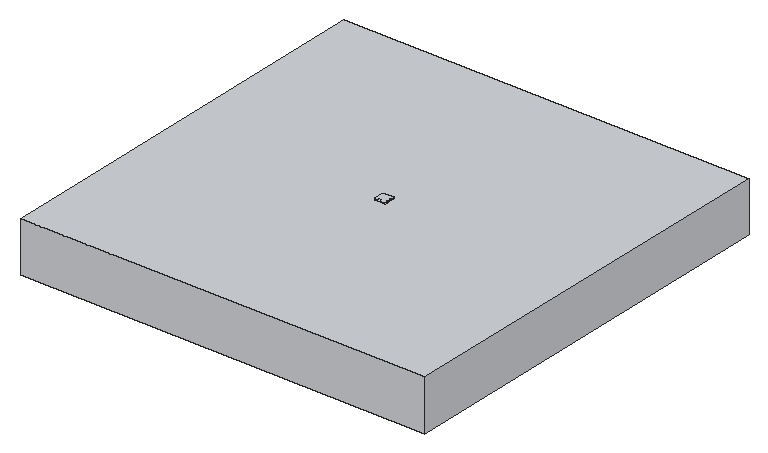
Revit family "Gira_540000rfa", category Allgemeines Modell, Revit 2017
Family settings
  Basisbauteil = Fläche
  Kann Basisbauteil für Bewehrung sein = Nein
  Bemaßung runder Anschluss = Durchmesser verwenden
  Teiletyp = Normal
  Beim Laden mit Abzugskörper schneiden = Nein
  Gemeinsam genutzt = Nein
  Raumberechnungspunkt = Nein
Parameters
  With memory function = no
  With glass breaking detector connection = no
  With brightness sensor connection = no
  With Astro program = no
  Default Elevation = 1219.2 mm
  URL = "https://www.gira.de/"
  Typname = "S3000 uni.LED dimm.ins. Standard Insert"
  Type of load = "Universal and LED Retrofit"
  Type of fastening = "Mounting with claw and screw"
  Transparent = no
  Through loss at 860 MHz [B] = 0.1
  Through loss at 2150 MHz [B] = 0.1
  Switch-off protection = no
  Surface protection = "Other"
  Surface finishing = "Not applicable"
  Suitable for wind sensor = no
  Suitable for rain sensor = no
  Suitable for degree of protection (IP) = "IP20"
  Substation input = no
  Shielded housing = no
  Shielded buses = yes
  Serial dimmer = no
  Separate strain relief = yes
  Random generator = no
  Productwebsite = "http://katalog.gira.de/en/datenblatt.html?artikelnr=540000"
  Nominal voltage [Volt] 2 = "[230:230]"
  Nominal voltage [Volt] = 230
  Mounting method shielding connection = "Screw"
  Mounting method = "Flush mounted (plaster)"
  Model = "Loop-through socket"
  Method of operation = "Turn/push button"
  Mechanical coding = no
  Max. switching power [Voltampere] = 1000
  Material quality = "Other"
  Material = "Other"
  Light value memory = yes
  Integrated timer = no
  Hersteller = "Gira"
  Halogen free = no
  HAN = "540000"
  GTIN = "4010337047995"
  Frequency [Hz] = "[50:60]"
  Dimming phase cut-on = yes
  Dimming phase cut-off = yes
  Degree of protection (IP) = "IP20"
  Data sheet = "https://katalog.gira.de/en/download.html?artikelnr=540000"
  Connection type = "Screwed terminal"
  Colour = "Other"
  Category = "Other"
  Beschreibung = "S3000 Uni.LED dimm.ins.Std Ins.,System 3000 universal LED dimming insert Standard,,,Features:,- Switching and dimming light bulbs, HV halogen lamps, electronic transformers for halogen or LED lamps, dimmable inductive transformers for halogen or LED lamps, HV LED or compact fluorescent lamps.,- Automatic or manual setting of dimming principle according to load (leading or trailing edge).,- Display of the selected operating mode using LED.,- Bulb-saving switch-on.,- Switch-on brightness can be saved permanently.,- Switch on with the last brightness set, or a saved switch-on brightness.,- Minimum brightness can be set.,- Electronic short-circuit protection.,- Electronic excess-temperature protection.,- Operation with and without neutral conductor connection.,,Notes :,- In general, operating the dimmer without connecting a neutral conductor is possible, although some LED and CFLi light sources require the neutral conductor connection to prevent flickering.,- For operation without a neutral conductor, the minimum load for light bulbs, HV halogen lamps, Gira Tronic transformers, and wound transformers increases to 50 W.,- Electronic transformers and ballast devices for LED lamps can be operated with the dimming procedure stated by the manufacturer.,- If the ambient temperature is higher than 25 C, the connected load must be reduced."
  BIM = "https://media.stage.bim.site/public/gira/290f3eb/Einsatz_1fach.rfa"
  Assembly arrangement = "Basic element"
  Applicable with transmission button = no
  Applicable with time switch/timer = no
  Applicable with presence indicator = no
  Applicable with movement sensor = no
  Applicable with infrared button = no
  Applicable with button = no
  App control via Bluetooth = no
Reference planes
  plane 1 "Center (Front/Back)": y = 0
  plane 2: z = 0
  plane 3 "Center (Left/Right)": x = 0
Forms (mm)
  Extrusion 1, solid
    sketch origin (0, 0, 0) x (1, 0, 0) y (0, 1, 0)
      loop
        line (-1219.2, 1219.2) -> (-1219.2, -1219.2) -> (1219.2, -1219.2) -> (1219.2, 1219.2) -> (-1219.2, 1219.2)
    from 0 to -304.8
  Extrusion 2, solid, detail levels fine
    sketch origin (0, 0, 0) x (1, 0, 0) y (0, 1, 0)
      loop
        line (27.475, 35.475) -> (-27.475, 35.475)
        arc (-27.475, 35.475) -> (-33.132, 33.132) -> (-35.475, 27.475) r 8
        line (-35.475, 27.475) -> (-35.475, -27.475)
        arc (-35.475, -27.475) -> (-33.132, -33.132) -> (-27.475, -35.475) r 8
        line (-27.475, -35.475) -> (27.475, -35.475)
        arc (27.475, -35.475) -> (33.132, -33.132) -> (35.475, -27.475) r 8
        line (35.475, -27.475) -> (35.475, 27.475)
        arc (35.475, 27.475) -> (33.132, 33.132) -> (27.475, 35.475) r 8
    from 0 to 1.8
  Extrusion 3, solid, detail levels fine
    sketch origin (0, 0, 0) x (1, 0, 0) y (0, 1, 0)
      loop
        line (9.678, 25.4) -> (-9.678, 25.4)
        arc (-9.678, 25.4) -> (-12.885, 24.922) -> (-15.814, 23.53) r 11
        arc (-15.814, 23.53) -> (-17.795, 22.07) -> (-19.641, 20.444) r 28.35
        arc (-19.641, 20.444) -> (-21.339, 18.665) -> (-22.876, 16.745) r 28.35
        arc (-22.876, 16.745) -> (-24.456, 13.666) -> (-25, 10.248) r 11
        line (-25, 10.248) -> (-25, -10.248)
        arc (-25, -10.248) -> (-24.456, -13.666) -> (-22.876, -16.745) r 11
        arc (-22.876, -16.745) -> (-20.409, -19.677) -> (-17.569, -22.25) r 28.35
        line (-17.569, -22.25) -> (17.569, -22.25)
        arc (17.569, -22.25) -> (20.409, -19.677) -> (22.876, -16.745) r 28.35
        arc (22.876, -16.745) -> (24.456, -13.666) -> (25, -10.248) r 11
        line (25, -10.248) -> (25, 10.248)
        arc (25, 10.248) -> (24.456, 13.666) -> (22.876, 16.745) r 11
        arc (22.876, 16.745) -> (21.593, 18.37) -> (20.195, 19.897) r 28.35
        arc (20.195, 19.897) -> (18.096, 21.823) -> (15.814, 23.53) r 28.35
        arc (15.814, 23.53) -> (12.885, 24.922) -> (9.678, 25.4) r 11
    from 0 to -22
  Extrusion 4, solid, detail levels medium
    sketch origin (0, 0, 0) x (1, 0, 0) y (0, 1, 0)
      loop
        line (-25, 25.4) -> (-25, -22.25) -> (25, -22.25) -> (25, 25.4) -> (-25, 25.4)
    from 0 to -22
  Extrusion 5, solid, detail levels coarse
    sketch origin (0, 0, 0) x (1, 0, 0) y (0, 1, 0)
      loop
        line (35.475, 35.475) -> (-35.475, 35.475) -> (-35.475, -35.475) -> (35.475, -35.475) -> (35.475, 35.475)
    from -22 to 1.8
  Extrusion 6, solid, detail levels medium
    sketch origin (0, 0, 0) x (1, 0, 0) y (0, 1, 0)
      loop
        line (35.475, 35.475) -> (-35.475, 35.475) -> (-35.475, -35.475) -> (35.475, -35.475) -> (35.475, 35.475)
    from 0 to 1.8
Dimensions and locks
  aligned and locked: plane 2 to Extrusion 1
  aligned and locked: level to Extrusion 1
Connectors
  electrical at (0, 0, -22)
    settings: on Extrusion 5, index 1, voltage 220 V, apparent load 0 VA, apparent load phase1 0 VA, apparent load phase2 0 VA, apparent load phase3 0 VA, power factor 1, load classification "Other", number of poles 1, system type 30, power factor state 1, is connector primary yes, connector utility no, sub classification motor no, connector description ""
